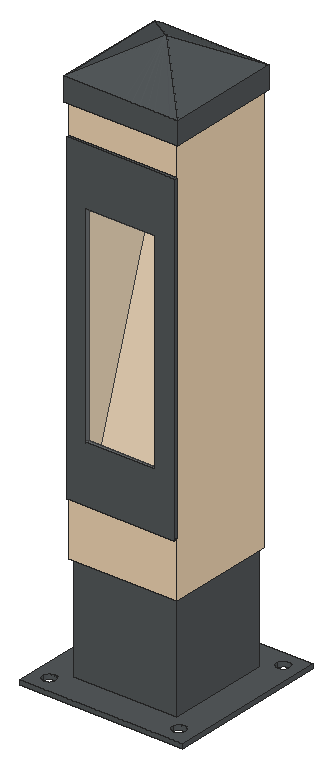
Revit family "Баум", category Осветительные приборы, Revit 2019 (continued)
Parameters (values of type "ДТУ961 Светодиодный светильник Баум ДТУ-96-AF-4Вт-0,6")
     0.0 0.0 0.0 0.0 0.0 0.0 0.0\r\n0.0 0.0 0.0 0.0 0.0 0.0 0.0 0.0 0.4 0.2 0.4 0.4 0.4 0.4 0.4 0.4 0.4 0.4 0.4 0.4 0.4 0.4 0.4 0.4 0.4 0.4 0.4 0.4 0.4 0.4 0.4 0.4\r\n 0.4 0.4 0.4 0.4 0.4 0.4 0.4 0.4 0.4 0.4 0.4 0.4 0.4 0.4 0.4 0.4 0.4 0.4 0.4 0.4 0.4 0.4 0.4 0.4 0.4 0.4 0.4 0.4 0.4 0.4 0.4 0.4\r\n 0.4 0.4 0.4 0.4 0.4 0.4 0.4 0.4 0.4 0.4 0.4 0.4 0.4 0.4 0.4 0.4 0.4 0.4 0.4 0.4 0.4 0.4 0.4 0.4 0.4 0.4 0.4 0.4 0.4 0.4 0.4 0.4\r\n 0.4 0.4 0.4 0.4 0.4 0.4 0.4 0.4 0.4 0.4 0.4 0.4 0.4 0.4 0.4 0.4 0.4 0.4 0.4 0.4 0.4 0.4 0.4 0.4 0.4 0.4 0.4 0.4 0.4 0.4 0.4 0.4\r\n 0.4 0.4 0.4 0.4 0.4 0.4 0.4 0.4 0.4 0.4 0.4 0.4 0.4 0.4 0.4 0.4 0.4 0.4 0.4 0.4 0.4 0.4 0.4 0.4 0.4 0.4 0.4 0.4 0.4 0.4 0.4 0.4\r\n 0.4 0.4 0.4 0.4 0.4 0.4 0.4 0.4 0.2 0.2 0.2 0.2 0.0 0.0 0.0 0.0 0.0 0.0 0.0 0.0 0.0\r\n0.0 0.0 0.0 0.0 0.0 0.0 0.2 0.2 0.4 0.4 0.4 0.4 0.4 0.4 0.4 0.4 0.4 0.4 0.4 0.4 0.4 0.4 0.4 0.4 0.4 0.4 0.4 0.4 0.4 0.4 0.4 0.4\r\n 0.4 0.4 0.4 0.4 0.4 0.4 0.4 0.4 0.4 0.4 0.4 0.4 0.4 0.4 0.4 0.4 0.4 0.4 0.4 0.4 0.4 0.4 0.4 0.4 0.4 0.4 0.4 0.4 0.4 0.4 0.4 0.4\r\n 0.4 0.4 0.4 0.4 0.4 0.4 0.4 0.4 0.4 0.4 0.4 0.4 0.4 0.4 0.4 0.4 0.4 0.4 0.4 0.4 0.4 0.4 0.4 0.4 0.4 0.4 0.4 0.4 0.4 0.4 0.4 0.4\r\n 0.4 0.4 0.4 0.4 0.4 0.4 0.4 0.4 0.4 0.4 0.4 0.4 0.4 0.4 0.4 0.4 0.4 0.4 0.4 0.4 0.4 0.4 0.4 0.4 0.4 0.4 0.4 0.4 0.4 0.4 0.4 0.4\r\n 0.4 0.4 0.4 0.4 0.4 0.4 0.4 0.4 0.4 0.4 0.4 0.4 0.4 0.4 0.4 0.4 0.4 0.4 0.4 0.4 0.4 0.4 0.4 0.4 0.4 0.4 0.4 0.4 0.4 0.4 0.4 0.4\r\n 0.4 0.4 0.4 0.4 0.4 0.4 0.4 0.4 0.2 0.2 0.2 0.2 0.0 0.0 0.0 0.0 0.0 0.0 0.0 0.0 0.0\r\n0.0 0.0 0.0 0.0 0.0 0.0 0.2 0.2 0.4 0.4 0.4 0.4 0.4 0.4 0.4 0.4 0.4 0.4 0.4 0.4 0.4 0.4 0.4 0.4 0.4 0.4 0.4 0.4 0.4 0.4 0.4 0.4\r\n 0.4 0.4 0.4 0.4 0.4 0.4 0.4 0.4 0.4 0.4 0.4 0.4 0.4 0.4 0.4 0.4 0.4 0.4 0.4 0.4 0.4 0.4 0.4 0.4 0.4 0.4 0.4 0.4 0.4 0.4 0.4 0.4\r\n 0.4 0.4 0.4 0.4 0.4 0.4 0.4 0.4 0.4 0.4 0.4 0.4 0.4 0.4 0.4 0.4 0.4 0.4 0.4 0.4 0.4 0.4 0.4 0.4 0.4 0.4 0.4 0.4 0.4 0.4 0.4 0.4\r\n 0.4 0.4 0.4 0.4 0.4 0.4 0.4 0.4 0.4 0.4 0.4 0.4 0.4 0.4 0.4 0.4 0.4 0.4 0.4 0.4 0.4 0.4 0.4 0.4 0.4 0.4 0.4 0.4 0.4 0.4 0.4 0.4\r\n 0.4 0.4 0.4 0.4 0.4 0.4 0.4 0.4 0.4 0.4 0.4 0.4 0.4 0.4 0.4 0.4 0.4 0.4 0.4 0.4 0.4 0.4 0.4 0.4 0.4 0.4 0.4 0.4 0.4 0.4 0.4 0.4\r\n 0.4 0.4 0.4 0.4 0.4 0.4 0.4 0.4 0.2 0.2 0.2 0.2 0.0 0.0 0.0 0.0 0.0 0.0 0.0 0.0 0.0\r\n0.0 0.0 0.0 0.0 0.0 0.0 0.2 0.2 0.4 0.4 0.4 0.4 0.4 0.4 0.4 0.4 0.4 0.4 0.4 0.4 0.4 0.4 0.4 0.4 0.4 0.4 0.4 0.4 0.4 0.4 0.4 0.4\r\n 0.4 0.4 0.4 0.4 0.4 0.4 0.4 0.4 0.4 0.4 0.4 0.4 0.4 0.4 0.4 0.4 0.4 0.4 0.4 0.4 0.4 0.4 0.4 0.4 0.4 0.4 0.4 0.4 0.4 0.4 0.4 0.4\r\n 0.4 0.4 0.4 0.4 0.4 0.4 0.4 0.4 0.4 0.4 0.4 0.4 0.4 0.4 0.4 0.4 0.4 0.4 0.4 0.4 0.4 0.4 0.4 0.4 0.4 0.4 0.4 0.4 0.4 0.4 0.4 0.4\r\n 0.4 0.4 0.4 0.4 0.4 0.4 0.4 0.4 0.4 0.4 0.4 0.4 0.4 0.4 0.4 0.4 0.4 0.4 0.4 0.4 0.4 0.4 0.4 0.4 0.4 0.4 0.4 0.4 0.4 0.4 0.4 0.4\r\n 0.4 0.4 0.4 0.4 0.4 0.4 0.4 0.4 0.4 0.4 0.4 0.4 0.4 0.4 0.4 0.4 0.4 0.4 0.4 0.4 0.4 0.4 0.4 0.4 0.4 0.4 0.4 0.4 0.4 0.4 0.4 0.4\r\n 0.4 0.4 0.4 0.4 0.4 0.4 0.4 0.4 0.2 0.2 0.2 0.2 0.2 0.0 0.0 0.0 0.0 0.0 0.0 0.0 0.0\r\n0.0 0.0 0.0 0.0 0.0 0.2 0.2 0.2 0.4 0.4 0.4 0.4 0.4 0.4 0.4 0.4 0.4 0.4 0.4 0.4 0.4 0.4 0.4 0.4 0.4 0.4 0.4 0.4 0.4 0.4 0.4 0.4\r\n 0.4 0.4 0.4 0.4 0.4 0.4 0.4 0.4 0.4 0.4 0.4 0.4 0.4 0.4 0.4 0.4 0.4 0.4 0.4 0.4 0.4 0.4 0.4 0.4 0.4 0.4 0.4 0.4 0.4 0.4 0.4 0.4\r\n 0.4 0.4 0.4 0.4 0.4 0.4 0.4 0.4 0.4 0.4 0.4 0.4 0.4 0.4 0.4 0.4 0.4 0.4 0.4 0.4 0.4 0.4 0.4 0.4 0.4 0.4 0.4 0.4 0.4 0.4 0.4 0.4\r\n 0.4 0.4 0.4 0.4 0.4 0.4 0.4 0.4 0.4 0.4 0.4 0.4 0.4 0.4 0.4 0.4 0.4 0.4 0.4 0.4 0.4 0.4 0.4 0.4 0.4 0.4 0.4 0.4 0.4 0.4 0.4 0.4\r\n 0.4 0.4 0.4 0.4 0.4 0.4 0.4 0.4 0.4 0.4 0.4 0.4 0.4 0.4 0.4 0.4 0.4 0.4 0.4 0.4 0.4 0.4 0.4 0.4 0.4 0.4 0.4 0.4 0.4 0.4 0.4 0.4\r\n 0.4 0.4 0.4 0.4 0.4 0.4 0.4 0.4 0.2 0.2 0.2 0.2 0.2 0.0 0.0 0.0 0.0 0.0 0.0 0.0 0.0\r\n0.0 0.0 0.0 0.0 0.0 0.2 0.2 0.2 0.4 0.4 0.4 0.4 0.4 0.4 0.4 0.4 0.4 0.4 0.4 0.4 0.4 0.4 0.4 0.4 0.4 0.4 0.4 0.4 0.4 0.4 0.4 0.4\r\n 0.4 0.4 0.4 0.4 0.4 0.4 0.4 0.4 0.4 0.4 0.4 0.4 0.4 0.4 0.4 0.4 0.4 0.4 0.4 0.4 0.4 0.4 0.4 0.4 0.4 0.4 0.4 0.4 0.4 0.4 0.4 0.4\r\n 0.4 0.4 0.4 0.4 0.4 0.4 0.4 0.4 0.4 0.4 0.4 0.4 0.4 0.4 0.4 0.4 0.4 0.4 0.4 0.4 0.4 0.4 0.4 0.4 0.4 0.4 0.4 0.4 0.4 0.4 0.4 0.4\r\n 0.4 0.4 0.4 0.4 0.4 0.4 0.4 0.4 0.4 0.4 0.4 0.4 0.4 0.4 0.4 0.4 0.4 0.4 0.4 0.4 0.4 0.4 0.4 0.4 0.4 0.4 0.4 0.4 0.4 0.4 0.4 0.4\r\n 0.4 0.4 0.4 0.4 0.4 0.4 0.4 0.4 0.4 0.4 0.4 0.4 0.4 0.4 0.4 0.4 0.4 0.4 0.4 0.4 0.4 0.4 0.4 0.4 0.4 0.4 0.4 0.4 0.4 0.4 0.4 0.4\r\n 0.4 0.4 0.4 0.4 0.4 0.4 0.4 0.4 0.2 0.2 0.2 0.2 0.2 0.0 0.0 0.0 0.0 0.0 0.0 0.0 0.0\r\n0.0 0.0 0.0 0.0 0.0 0.2 0.2 0.2 0.4 0.4 0.4 0.4 0.4 0.4 0.4 0.4 0.4 0.4 0.4 0.4 0.4 0.4 0.4 0.4 0.4 0.4 0.4 0.4 0.4 0.4 0.4 0.4\r\n 0.4 0.4 0.4 0.4 0.4 0.4 0.4 0.4 0.4 0.4 0.4 0.4 0.4 0.4 0.4 0.4 0.4 0.4 0.4 0.4 0.4 0.4 0.4 0.4 0.4 0.4 0.4 0.4 0.4 0.4 0.4 0.4\r\n 0.4 0.4 0.4 0.4 0.4 0.4 0.4 0.4 0.4 0.4 0.4 0.4 0.4 0.4 0.4 0.4 0.4 0.4 0.4 0.4 0.4 0.4 0.4 0.4 0.4 0.4 0.4 0.4 0.4 0.4 0.4 0.4\r\n 0.4 0.4 0.4 0.4 0.4 0.4 0.4 0.4 0.4 0.4 0.4 0.4 0.4 0.4 0.4 0.4 0.4 0.4 0.4 0.4 0.4 0.4 0.4 0.4 0.4 0.4 0.4 0.4 0.4 0.4 0.4 0.4\r\n 0.4 0.4 0.4 0.4 0.4 0.4 0.4 0.4 0.4 0.4 0.4 0.4 0.4 0.4 0.4 0.4 0.4 0.4 0.4 0.4 0.4 0.4 0.4 0.4 0.4 0.4 0.4 0.4 0.4 0.4 0.4 0.4\r\n 0.4 0.4 0.4 0.4 0.4 0.4 0.4 0.4 0.2 0.2 0.2 0.2 0.2 0.2 0.0 0.0 0.0 0.0 0.0 0.0 0.0\r\n0.0 0.0 0.0 0.0 0.2 0.2 0.2 0.2 0.4 0.4 0.4 0.4 0.4 0.4 0.4 0.4 0.4 0.4 0.4 0.4 0.4 0.4 0.4 0.4 0.4 0.4 0.4 0.4 0.4 0.4 0.4 0.4\r\n 0.4 0.4 0.4 0.4 0.4 0.4 0.4 0.4 0.4 0.4 0.4 0.4 0.4 0.4 0.4 0.4 0.4 0.4 0.4 0.4 0.4 0.4 0.4 0.4 0.4 0.4 0.4 0.4 0.4 0.4 0.4 0.4\r\n 0.4 0.4 0.4 0.4 0.4 0.4 0.4 0.4 0.4 0.4 0.4 0.4 0.4 0.4 0.4 0.4 0.4 0.4 0.4 0.4 0.4 0.4 0.4 0.4 0.4 0.4 0.4 0.4 0.4 0.4 0.4 0.4\r\n 0.4 0.4 0.4 0.4 0.4 0.4 0.4 0.4 0.4 0.4 0.4 0.4 0.4 0.4 0.4 0.4 0.4 0.4 0.4 0.4 0.4 0.4 0.4 0.4 0.4 0.4 0.4 0.4 0.4 0.4 0.4 0.4\r\n 0.4 0.4 0.4 0.4 0.4 0.4 0.4 0.4 0.4 0.4 0.4 0.4 0.4 0.4 0.4 0.4 0.4 0.4 0.4 0.4 0.4 0.4 0.4 0.4 0.4 0.4 0.4 0.4 0.4 0.4 0.4 0.4\r\n 0.4 0.4 0.4 0.4 0.4 0.4 0.4 0.4 0.2 0.2 0.2 0.2 0.2 0.2 0.0 0.0 0.0 0.0 0.0 0.0 0.0\r\n0.0 0.0 0.0 0.0 0.2 0.2 0.2 0.2 0.4 0.4 0.4 0.4 0.4 0.4 0.4 0.4 0.4 0.4 0.4 0.4 0.4 0.4 0.4 0.4 0.4 0.4 0.4 0.4 0.4 0.4 0.4 0.4\r\n 0.4 0.4 0.4 0.4 0.4 0.4 0.4 0.4 0.4 0.4 0.4 0.4 0.4 0.4 0.4 0.4 0.4 0.4 0.4 0.4 0.4 0.4 0.4 0.4 0.4 0.4 0.4 0.4 0.4 0.4 0.4 0.4\r\n 0.4 0.4 0.4 0.4 0.4 0.4 0.4 0.4 0.4 0.4 0.4 0.4 0.4 0.4 0.4 0.4 0.4 0.4 0.4 0.4 0.4 0.4 0.4 0.4 0.4 0.4 0.4 0.4 0.4 0.4 0.4 0.4\r\n 0.4 0.4 0.4 0.4 0.4 0.4 0.4 0.4 0.4 0.4 0.4 0.4 0.4 0.4 0.4 0.4 0.4 0.4 0.4 0.4 0.4 0.4 0.4 0.4 0.4 0.4 0.4 0.4 0.4 0.4 0.4 0.4\r\n 0.4 0.4 0.4 0.4 0.4 0.4 0.4 0.4 0.4 0.4 0.4 0.4 0.4 0.4 0.4 0.4 0.4 0.4 0.4 0.4 0.4 0.4 0.4 0.4 0.4 0.4 0.4 0.4 0.4 0.4 0.4 0.4\r\n 0.4 0.4 0.4 0.4 0.4 0.4 0.4 0.4 0.4 0.4 0.2 0.2 0.2 0.2 0.0 0.0 0.0 0.0 0.0 0.0 0.0\r\n0.0 0.0 0.0 0.0 0.2 0.2 0.2 0.2 0.4 0.4 0.4 0.4 0.4 0.4 0.4 0.4 0.4 0.4 0.4 0.4 0.4 0.4 0.4 0.4 0.4 0.4 0.4 0.4 0.4 0.4 0.4 0.4\r\n 0.4 0.4 0.4 0.4 0.4 0.4 0.4 0.4 0.4 0.4 0.4 0.4 0.4 0.4 0.4 0.4 0.4 0.4 0.4 0.4 0.4 0.4 0.4 0.4 0.4 0.4 0.4 0.4 0.4 0.4 0.4 0.4\r\n 0.4 0.4 0.4 0.4 0.4 0.4 0.4 0.4 0.4 0.4 0.4 0.4 0.4 0.4 0.4 0.4 0.4 0.4 0.4 0.4 0.4 0.4 0.4 0.4 0.4 0.4 0.4 0.4 0.4 0.4 0.4 0.4\r\n 0.4 0.4 0.4 0.4 0.4 0.4 0.4 0.4 0.4 0.4 0.4 0.4 0.4 0.4 0.4 0.4 0.4 0.4 0.4 0.4 0.4 0.4 0.4 0.4 0.4 0.4 0.4 0.4 0.4 0.4 0.4 0.4\r\n 0.4 0.4 0.4 0.4 0.4 0.4 0.4 0.4 0.4 0.4 0.4 0.4 0.4 0.4 0.4 0.4 0.4 0.4 0.4 0.4 0.4 0.4 0.4 0.4 0.4 0.4 0.4 0.4 0.4 0.4 0.4 0.4\r\n 0.4 0.4 0.4 0.4 0.4 0.4 0.4 0.4 0.4 0.4 0.2 0.2 0.2 0.2 0.0 0.0 0.0 0.0 0.0 0.0 0.0\r\n0.0 0.0 0.0 0.2 0.2 0.2 0.2 0.2 0.4 0.4 0.4 0.4 0.4 0.4 0.4 0.4 0.4 0.4 0.4 0.4 0.4 0.4 0.4 0.4 0.4 0.4 0.4 0.4 0.4 0.4 0.4 0.4\r\n 0.4 0.4 0.4 0.4 0.4 0.4 0.4 0.4 0.4 0.4 0.4 0.4 0.4 0.4 0.4 0.4 0.4 0.4 0.4 0.4 0.4 0.4 0.4 0.4 0.4 0.4 0.4 0.4 0.4 0.4 0.4 0.4\r\n 0.4 0.4 0.4 0.4 0.4 0.4 0.4 0.4 0.4 0.4 0.4 0.4 0.4 0.4 0.4 0.4 0.4 0.4 0.4 0.4 0.4 0.4 0.4 0.4 0.4 0.4 0.4 0.4 0.4 0.4 0.4 0.4\r\n 0.4 0.4 0.4 0.4 0.4 0.4 0.4 0.4 0.4 0.4 0.4 0.4 0.4 0.4 0.4 0.4 0.4 0.4 0.4 0.4 0.4 0.4 0.4 0.4 0.4 0.4 0.4 0.4 0.4 0.4 0.4 0.4\r\n 0.4 0.4 0.4 0.4 0.4 0.4 0.4 0.4 0.4 0.4 0.4 0.4 0.4 0.4 0.4 0.4 0.4 0.4 0.4 0.4 0.4 0.4 0.4 0.4 0.4 0.4 0.4 0.4 0.4 0.4 0.4 0.4\r\n 0.4 0.4 0.4 0.4 0.4 0.4 0.4 0.4 0.4 0.4 0.2 0.2 0.2 0.2 0.0 0.0 0.0 0.0 0.0 0.0 0.0\r\n0.0 0.0 0.0 0.2 0.2 0.2 0.2 0.2 0.4 0.4 0.4 0.4 0.4 0.4 0.4 0.4 0.4 0.4 0.4 0.4 0.4 0.4 0.4 0.4 0.4 0.4 0.4 0.4 0.4 0.4 0.4 0.4\r\n 0.4 0.4 0.4 0.4 0.4 0.4 0.4 0.4 0.4 0.4 0.4 0.4 0.4 0.4 0.4 0.4 0.4 0.4 0.4 0.4 0.4 0.4 0.4 0.4 0.4 0.4 0.4 0.4 0.4 0.4 0.4 0.4\r\n 0.4 0.4 0.4 0.4 0.4 0.4 0.4 0.4 0.4 0.4 0.4 0.4 0.4 0.4 0.4 0.4 0.4 0.4 0.4 0.4 0.4 0.4 0.4 0.4 0.4 0.4 0.4 0.4 0.4 0.4 0.4 0.4\r\n 0.4 0.4 0.4 0.4 0.4 0.4 0.4 0.4 0.4 0.4 0.4 0.4 0.4 0.4 0.4 0.4 0.4 0.4 0.4 0.4 0.4 0.4 0.4 0.4 0.4 0.4 0.4 0.4 0.4 0.4 0.4 0.4\r\n 0.4 0.4 0.4 0.4 0.4 0.4 0.4 0.4 0.4 0.4 0.4 0.4 0.4 0.4 0.4 0.4 0.4 0.4 0.4 0.4 0.4 0.4 0.4 0.4 0.4 0.4 0.4 0.4 0.4 0.4 0.4 0.4\r\n 0.4 0.4 0.4 0.4 0.4 0.4 0.4 0.4 0.4 0.4 0.2 0.2 0.2 0.2 0.0 0.0 0.0 0.0 0.0 0.0 0.0\r\n0.0 0.0 0.0 0.2 0.2 0.2 0.2 0.2 0.4 0.4 0.4 0.4 0.4 0.4 0.4 0.4 0.4 0.4 0.4 0.4 0.4 0.4 0.4 0.4 0.4 0.4 0.4 0.4 0.4 0.4 0.4 0.4\r\n 0.4 0.4 0.4 0.4 0.4 0.4 0.4 0.4 0.4 0.4 0.4 0.4 0.4 0.4 0.4 0.4 0.4 0.4 0.4 0.4 0.4 0.4 0.4 0.4 0.4 0.4 0.4 0.4 0.4 0.4 0.4 0.4\r\n 0.4 0.4 0.4 0.4 0.4 0.4 0.4 0.4 0.4 0.4 0.4 0.4 0.4 0.4 0.4 0.4 0.4 0.4 0.4 0.4 0.4 0.4 0.4 0.4 0.4 0.4 0.4 0.4 0.4 0.4 0.4 0.4\r\n 0.4 0.4 0.4 0.4 0.4 0.4 0.4 0.4 0.4 0.4 0.4 0.4 0.4 0.4 0.4 0.4 0.4 0.4 0.4 0.4 0.4 0.4 0.4 0.4 0.4 0.4 0.4 0.4 0.4 0.4 0.4 0.4\r\n 0.4 0.4 0.4 0.4 0.4 0.4 0.4 0.4 0.4 0.4 0.4 0.4 0.4 0.4 0.4 0.4 0.4 0.4 0.4 0.4 0.4 0.4 0.4 0.4 0.4 0.4 0.4 0.4 0.4 0.4 0.4 0.4\r\n 0.4 0.4 0.4 0.4 0.4 0.4 0.4 0.4 0.4 0.4 0.2 0.2 0.2 0.2 0.0 0.0 0.0 0.0 0.0 0.0 0.0\r\n0.0 0.0 0.0 0.2 0.2 0.2 0.2 0.2 0.4 0.4 0.4 0.4 0.4 0.4 0.4 0.4 0.4 0.4 0.4 0.4 0.4 0.4 0.4 0.4 0.6 0.6 0.4 0.4 0.4 0.4 0.4 0.4\r\n 0.4 0.4 0.4 0.4 0.4 0.4 0.4 0.4 0.4 0.4 0.4 0.4 0.4 0.4 0.4 0.4 0.4 0.4 0.4 0.4 0.4 0.4 0.4 0.4 0.4 0.4 0.4 0.4 0.4 0.4 0.4 0.4\r\n 0.4 0.4 0.4 0.4 0.4 0.4 0.4 0.4 0.4 0.4 0.4 0.4 0.4 0.4 0.4 0.4 0.4 0.4 0.4 0.4 0.4 0.4 0.4 0.4 0.4 0.4 0.4 0.4 0.4 0.4 0.4 0.4\r\n 0.4 0.4 0.4 0.4 0.4 0.4 0.4 0.4 0.4 0.4 0.4 0.4 0.4 0.4 0.4 0.4 0.4 0.4 0.4 0.4 0.4 0.4 0.4 0.4 0.4 0.4 0.4 0.4 0.4 0.4 0.4 0.4\r\n 0.4 0.4 0.4 0.4 0.4 0.4 0.4 0.4 0.4 0.4 0.4 0.4 0.4 0.4 0.4 0.4 0.4 0.4 0.4 0.4 0.4 0.4 0.4 0.4 0.4 0.4 0.4 0.4 0.4 0.4 0.4 0.4\r\n 0.4 0.4 0.4 0.4 0.4 0.4 0.4 0.4 0.4 0.4 0.4 0.2 0.2 0.2 0.0 0.0 0.0 0.0 0.0 0.0 0.0\r\n0.0 0.0 0.0 0.2 0.2 0.2 0.2 0.2 0.4 0.4 0.4 0.4 0.4 0.4 0.4 0.4 0.4 0.4 0.4 0.4 0.4 0.4 0.4 0.4 0.6 0.6 0.4 0.4 0.4 0.4 0.4 0.4\r\n 0.4 0.4 0.4 0.4 0.4 0.4 0.4 0.4 0.4 0.4 0.4 0.4 0.4 0.4 0.4 0.4 0.4 0.4 0.4 0.4 0.4 0.4 0.4 0.4 0.4 0.4 0.4 0.4 0.4 0.4 0.4 0.4\r\n 0.4 0.4 0.4 0.4 0.4 0.4 0.4 0.4 0.4 0.4 0.4 0.4 0.4 0.4 0.4 0.4 0.4 0.4 0.4 0.4 0.4 0.4 0.4 0.4 0.4 0.4 0.4 0.4 0.4 0.4 0.4 0.4\r\n 0.4 0.4 0.4 0.4 0.4 0.4 0.4 0.4 0.4 0.4 0.4 0.4 0.4 0.4 0.4 0.4 0.4 0.4 0.4 0.4 0.4 0.4 0.4 0.4 0.4 0.4 0.4 0.4 0.4 0.4 0.4 0.4\r\n 0.4 0.4 0.4 0.4 0.4 0.4 0.4 0.4 0.4 0.4 0.4 0.4 0.4 0.4 0.4 0.4 0.4 0.4 0.4 0.4 0.4 0.4 0.4 0.4 0.4 0.4 0.4 0.4 0.4 0.4 0.4 0.4\r\n 0.4 0.4 0.4 0.4 0.4 0.4 0.4 0.4 0.4 0.4 0.4 0.2 0.2 0.2 0.0 0.0 0.0 0.0 0.0 0.0 0.0\r\n0.0 0.0 0.0 0.2 0.2 0.2 0.2 0.2 0.4 0.4 0.4 0.4 0.4 0.4 0.4 0.4 0.4 0.4 0.4 0.4 0.4 0.4 0.4 0.4 0.4 0.4 0.4 0.4 0.4 0.4 0.4 0.4\r\n 0.4 0.4 0.4 0.4 0.4 0.4 0.4 0.4 0.4 0.4 0.4 0.4 0.4 0.4 0.4 0.4 0.4 0.4 0.4 0.4 0.4 0.4 0.4 0.4 0.4 0.4 0.4 0.4 0.4 0.4 0.4 0.4\r\n 0.4 0.4 0.4 0.4 0.4 0.4 0.4 0.4 0.4 0.4 0.4 0.4 0.4 0.4 0.4 0.4 0.4 0.4 0.4 0.4 0.4 0.4 0.4 0.4 0.4 0.4 0.4 0.4 0.4 0.4 0.4 0.4\r\n 0.4 0.4 0.4 0.4 0.4 0.4 0.4 0.4 0.4 0.4 0.4 0.4 0.4 0.4 0.4 0.4 0.4 0.4 0.4 0.4 0.4 0.4 0.4 0.4 0.4 0.4 0.4 0.4 0.4 0.4 0.4 0.4\r\n 0.4 0.4 0.4 0.4 0.4 0.4 0.4 0.4 0.4 0.4 0.4 0.4 0.4 0.4 0.4 0.4 0.4 0.4 0.4 0.4 0.4 0.4 0.4 0.4 0.4 0.4 0.4 0.4 0.4 0.4 0.4 0.4\r\n 0.4 0.4 0.4 0.4 0.4 0.4 0.4 0.4 0.4 0.4 0.4 0.2 0.2 0.2 0.0 0.0 0.0 0.0 0.0 0.0 0.0\r\n0.0 0.0 0.0 0.2 0.2 0.2 0.2 0.2 0.4 0.4 0.4 0.4 0.4 0.4 0.4 0.4 0.4 0.4 0.4 0.4 0.4 0.4 0.4 0.4 0.4 0.4 0.4 0.4 0.4 0.4 0.4 0.4\r\n 0.4 0.4 0.4 0.4 0.4 0.4 0.4 0.4 0.4 0.4 0.4 0.4 0.4 0.4 0.4 0.4 0.4 0.4 0.4 0.4 0.4 0.4 0.4 0.4 0.4 0.4 0.4 0.4 0.4 0.4 0.4 0.4\r\n 0.4 0.4 0.4 0.4 0.4 0.4 0.4 0.4 0.4 0.4 0.6 0.6 0.4 0.4 0.4 0.4 0.4 0.4 0.4 0.4 0.4 0.4 0.4 0.4 0.4 0.4 0.4 0.4 0.4 0.4 0.4 0.4\r\n 0.4 0.4 0.4 0.4 0.4 0.4 0.4 0.4 0.4 0.4 0.4 0.4 0.4 0.4 0.4 0.4 0.4 0.4 0.4 0.4 0.4 0.4 0.4 0.4 0.4 0.4 0.4 0.4 0.4 0.4 0.4 0.4\r\n 0.4 0.4 0.4 0.4 0.4 0.4 0.4 0.4 0.4 0.4 0.4 0.4 0.4 0.4 0.4 0.4 0.4 0.4 0.4 0.4 0.4 0.4 0.4 0.4 0.4 0.4 0.4 0.4 0.4 0.4 0.4 0.4\r\n 0.4 0.4 0.4 0.4 0.4 0.4 0.4 0.4 0.4 0.4 0.4 0.2 0.2 0.2 0.0 0.0 0.0 0.0 0.0 0.0 0.0\r\n0.0 0.0 0.0 0.2 0.2 0.2 0.2 0.2 0.4 0.4 0.4 0.4 0.4 0.4 0.4 0.4 0.4 0.4 0.4 0.4 0.4 0.4 0.4 0.4 0.4 0.4 0.4 0.4 0.4 0.4 0.4 0.4\r\n 0.4 0.4 0.4 0.4 0.4 0.4 0.4 0.4 0.4 0.4 0.4 0.4 0.4 0.4 0.4 0.4 0.4 0.4 0.4 0.4 0.4 0.4 0.4 0.4 0.4 0.4 0.4 0.4 0.4 0.4 0.4 0.4\r\n 0.4 0.4 0.4 0.4 0.4 0.4 0.4 0.4 0.4 0.4 0.4 0.4 0.4 0.4 0.4 0.4 0.4 0.4 0.4 0.4 0.4 0.4 0.4 0.4 0.4 0.4 0.4 0.4 0.4 0.4 0.4 0.4\r\n 0.4 0.4 0.4 0.4 0.4 0.4 0.4 0.4 0.4 0.4 0.4 0.4 0.4 0.4 0.4 0.4 0.4 0.4 0.4 0.4 0.4 0.4 0.4 0.4 0.4 0.4 0.4 0.4 0.4 0.4 0.4 0.4\r\n 0.4 0.4 0.4 0.4 0.4 0.4 0.4 0.4 0.4 0.4 0.4 0.4 0.4 0.4 0.4 0.4 0.4 0.4 0.4 0.4 0.4 0.4 0.4 0.4 0.4 0.4 0.4 0.4 0.4 0.4 0.4 0.4\r\n 0.4 0.4 0.4 0.4 0.4 0.4 0.4 0.4 0.4 0.4 0.4 0.2 0.2 0.2 0.0 0.0 0.0 0.0 0.0 0.0 0.0\r\n0.0 0.0 0.2 0.2 0.2 0.2 0.2 0.2 0.4 0.4 0.4 0.4 0.4 0.4 0.4 0.4 0.4 0.4 0.4 0.4 0.4 0.4 0.4 0.4 0.4 0.4 0.4 0.4 0.4 0.4 0.4 0.4\r\n 0.4 0.4 0.4 0.4 0.4 0.4 0.4 0.4 0.4 0.4 0.4 0.4 0.4 0.4 0.4 0.4 0.4 0.4 0.4 0.4 0.4 0.4 0.4 0.4 0.4 0.4 0.4 0.4 0.4 0.4 0.4 0.4\r\n 0.4 0.4 0.4 0.4 0.4 0.4 0.4 0.4 0.4 0.4 0.4 0.4 0.4 0.4 0.4 0.4 0.4 0.4 0.4 0.4 0.4 0.4 0.4 0.4 0.4 0.4 0.4 0.4 0.4 0.4 0.4 0.4\r\n 0.4 0.4 0.4 0.4 0.4 0.4 0.4 0.4 0.4 0.4 0.4 0.4 0.4 0.4 0.4 0.4 0.4 0.4 0.4 0.4 0.4 0.4 0.4 0.4 0.4 0.4 0.4 0.4 0.4 0.4 0.4 0.4\r\n 0.4 0.4 0.4 0.4 0.4 0.4 0.4 0.4 0.4 0.4 0.4 0.4 0.4 0.4 0.4 0.4 0.4 0.4 0.4 0.4 0.4 0.4 0.4 0.4 0.4 0.4 0.4 0.4 0.4 0.4 0.4 0.4\r\n 0.4 0.4 0.4 0.4 0.4 0.4 0.4 0.4 0.4 0.4 0.4 0.2 0.2 0.2 0.0 0.0 0.0 0.0 0.0 0.0 0.0\r\n0.0 0.0 0.2 0.2 0.2 0.2 0.2 0.2 0.4 0.4 0.4 0.4 0.4 0.4 0.4 0.4 0.4 0.4 0.4 0.4 0.4 0.4 0.4 0.4 0.4 0.4 0.4 0.4 0.4 0.4 0.4 0.4\r\n 0.4 0.4 0.4 0.4 0.4 0.4 0.4 0.4 0.4 0.4 0.4 0.4 0.4 0.4 0.4 0.4 0.4 0.4 0.4 0.4 0.4 0.4 0.4 0.4 0.4 0.4 0.4 0.4 0.4 0.4 0.4 0.4\r\n 0.4 0.4 0.4 0.4 0.4 0.4 0.4 0.4 0.4 0.4 0.4 0.4 0.4 0.4 0.4 0.4 0.4 0.4 0.4 0.4 0.4 0.4 0.4 0.4 0.4 0.4 0.4 0.4 0.4 0.4 0.4 0.4\r\n 0.4 0.4 0.4 0.4 0.4 0.4 0.4 0.4 0.4 0.4 0.4 0.4 0.4 0.4 0.4 0.4 0.4 0.4 0.4 0.4 0.4 0.4 0.4 0.4 0.4 0.4 0.4 0.4 0.4 0.4 0.4 0.4\r\n 0.4 0.4 0.4 0.4 0.4 0.4 0.4 0.4 0.4 0.4 0.4 0.4 0.4 0.4 0.4 0.4 0.4 0.4 0.4 0.4 0.4 0.4 0.4 0.4 0.4 0.4 0.4 0.4 0.4 0.4 0.4 0.4\r\n 0.4 0.4 0.4 0.4 0.4 0.4 0.4 0.4 0.4 0.4 0.4 0.2 0.2 0.2 0.0 0.0 0.0 0.0 0.0 0.0 0.0\r\n0.0 0.0 0.2 0.2 0.2 0.2 0.2 0.2 0.4 0.4 0.4 0.4 0.4 0.4 0.4 0.4 0.4 0.4 0.4 0.4 0.4 0.4 0.4 0.4 0.4 0.4 0.4 0.4 0.4 0.4 0.4 0.4\r\n 0.4 0.4 0.4 0.4 0.4 0.4 0.4 0.4 0.4 0.4 0.4 0.4 0.4 0.4 0.4 0.4 0.4 0.4 0.4 0.4 0.4 0.4 0.4 0.4 0.4 0.4 0.4 0.4 0.4 0.4 0.4 0.4\r\n 0.4 0.4 0.4 0.4 0.4 0.4 0.4 0.4 0.4 0.4 0.4 0.4 0.4 0.4 0.4 0.4 0.4 0.4 0.4 0.4 0.4 0.4 0.4 0.4 0.4 0.4 0.4 0.4 0.6 0.4 0.4 0.4\r\n 0.4 0.4 0.4 0.4 0.4 0.6 0.4 0.4 0.4 0.4 0.4 0.4 0.4 0.4 0.4 0.4 0.4 0.4 0.4 0.4 0.4 0.4 0.4 0.4 0.4 0.4 0.4 0.4 0.4 0.4 0.4 0.4\r\n 0.4 0.4 0.4 0.4 0.4 0.4 0.4 0.4 0.4 0.4 0.4 0.4 0.4 0.4 0.4 0.4 0.4 0.4 0.4 0.4 0.4 0.4 0.4 0.4 0.4 0.4 0.4 0.4 0.4 0.4 0.4 0.4\r\n 0.4 0.4 0.4 0.4 0.4 0.4 0.4 0.4 0.4 0.4 0.4 0.2 0.2 0.2 0.0 0.0 0.0 0.0 0.0 0.0 0.0\r\n0.0 0.0 0.2 0.2 0.2 0.2 0.2 0.2 0.4 0.4 0.4 0.4 0.4 0.4 0.4 0.4 0.4 0.4 0.4 0.4 0.4 0.4 0.4 0.4 0.4 0.4 0.4 0.4 0.4 0.4 0.4 0.4\r\n 0.4 0.4 0.4 0.4 0.4 0.4 0.4 0.4 0.6 0.6 0.4 0.4 0.4 0.4 0.4 0.4 0.4 0.4 0.4 0.4 0.4 0.4 0.4 0.4 0.4 0.4 0.4 0.4 0.4 0.4 0.4 0.4\r\n 0.4 0.4 0.4 0.4 0.4 0.4 0.4 0.4 0.4 0.4 0.4 0.4 0.4 0.4 0.4 0.4 0.4 0.4 0.4 0.4 0.4 0.4 0.4 0.4 0.4 0.4 0.4 0.4 0.4 0.4 0.4 0.4\r\n 0.4 0.4 0.4 0.4 0.4 0.4 0.4 0.4 0.4 0.4 0.4 0.4 0.4 0.4 0.4 0.4 0.4 0.4 0.4 0.4 0.4 0.4 0.4 0.4 0.4 0.4 0.4 0.4 0.4 0.4 0.4 0.4\r\n 0.4 0.4 0.4 0.4
